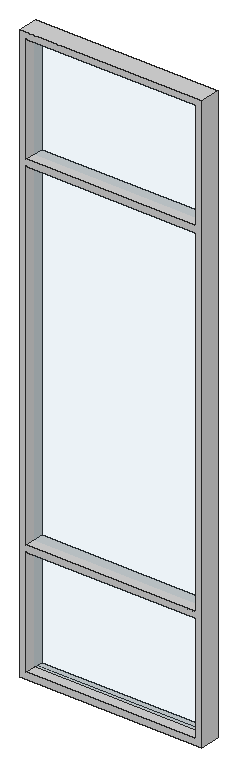
Revit family
Parameters
  Height = 2900 mm
  내벽이격거리 [instance] = 40 mm
  기본 씰 높이 = 740 mm
  Wall Closure = (empty or 0)
  Width = 910 mm
  Assembly Code = ""
Reference planes
  plane 1 "중심": y = 0
  plane 2 "중심(왼쪽/오른쪽)": x = 0
  plane 3 "좌측면": x = -455
  plane 4 "우측면": x = 455
  plane 5 "씰": z = 740
  plane 6 "헤드": z = 3640
  plane 7 "외부": y = 100
  plane 8 "내부": y = -100
  plane 9: y = 28
  plane 10 "내벽기준": y = -60
Forms (mm)
  Extrusion 1, solid, material "창호Frame(al)"
    sketch origin (0, -60, 0) x (1, 0, 0) y (0, 0, 1)
      loop
        line (-455, 3640) -> (-455, 740) -> (455, 740) -> (455, 3640) -> (-455, 3640)
      loop
        line (-425, 3610) -> (-425, 3070) -> (425, 3070) -> (425, 3610) -> (-425, 3610)
      loop
        line (-425, 1340) -> (425, 1340) -> (425, 3040) -> (-425, 3040) -> (-425, 1340)
      loop
        line (-425, 770) -> (425, 770) -> (425, 1310) -> (-425, 1310) -> (-425, 770)
    from 0 to -100
  Extrusion 2, solid, material "유리"
    sketch origin (0, -60, 0) x (1, 0, 0) y (0, 0, 1)
      loop
        line (-425, 3610) -> (-425, 770) -> (425, 770) -> (425, 3610) -> (-425, 3610)
    from -50 to -68
Lines and regions (mm)
  Opening 1
    outline origin (3500, -100, 0) x (1, 0, 0) y (0, 0, 1)
      loop
        line (-3045, 740) -> (-3045, 3640) -> (-3955, 3640) -> (-3955, 740) -> (-3045, 740)
Text (mm)
  text "외부" at (-1963.203, 1332.353, 0), in view "참조 레벨"
  text "내부" at (-1981.466, -818.386, 0), in view "참조 레벨"
  text "외부" at (0, 923.751, 2943.296), in view "우측면"
  text "외부" at (0, 1040.484, 2685.409), in view "좌측면"
Dimensions and locks
  equal spacing: plane 3 "좌측면", plane 2 "중심(왼쪽/오른쪽)", plane 4 "우측면"
  "Width": plane 3 "좌측면" to plane 4 "우측면"
  "Height": plane 5 "씰" to plane 6 "헤드"
  "기본 씰 높이": plane 5 "씰" to level
  locked: plane 7 "외부" to host wall at 0
  locked: plane 8 "내부" to host wall
  "내벽이격거리": host wall to plane 10 "내벽기준"
  aligned and locked: Extrusion 2 sketch curve to Extrusion 1  (x3)
Automatic sketch dimensions
  Opening 1 sketch curve to plane 3 "좌측면" = 0 mm
  Opening 1 sketch curve to plane 4 "우측면" = 0 mm
  Opening 1 sketch curve to plane 5 "씰" = 0 mm
  Opening 1 sketch curve to plane 6 "헤드" = 0 mm
  plane 6 "헤드" to Extrusion 2 sketch curve = 30 mm
  Extrusion 1 sketch curve to plane 3 "좌측면" = 0 mm
  Extrusion 1 sketch curve to plane 5 "씰" = 0 mm
  Extrusion 1 sketch curve to plane 6 "헤드" = 0 mm
  Extrusion 1 sketch curve to plane 3 "좌측면" = 30 mm  (x2)
  plane 4 "우측면" to Extrusion 1 sketch curve = 30 mm  (x3)
  Extrusion 1 sketch curve to plane 5 "씰" = 30 mm
  Extrusion 1 sketch curve to Extrusion 1 sketch curve = 540 mm
  Extrusion 1 sketch curve to Extrusion 1 sketch curve = 30 mm  (x2)
  plane 6 "헤드" to Extrusion 1 sketch curve = 600 mm
  plane 6 "헤드" to Extrusion 1 sketch curve = 30 mm
  Extrusion 1 sketch curve to plane 4 "우측면" = 0 mm
  Extrusion 1 sketch curve to Extrusion 1 sketch curve = 0 mm
